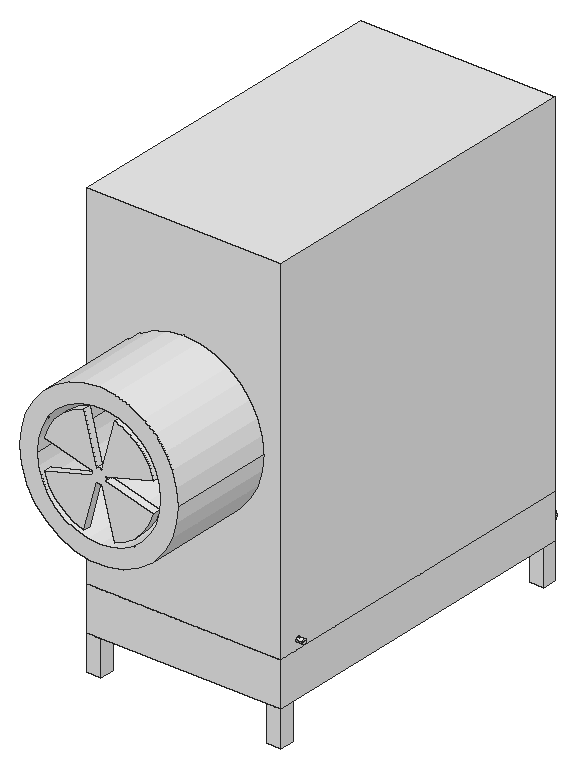
Revit family "MIT SK1015 - Cooling Tower ", category Specialty Equipment, Revit 2022
Family settings
  Round Connector Dimension = Use Diameter
  Part Type = Normal
  Work Plane-Based = Yes
  Always vertical = No
  Cut with Voids When Loaded = No
  Maintain Annotation Orientation = No
  Shared = No
  Room Calculation Point = No
Parameters (values of type "MLP 20 - 1.1 kW")
  URL = "https://en.ekinendustriyel.com/cooling-towers"
  Model = "MIT-SK1015"
  Manufacturer = "Ekin Endüstriyel"
  Keynote = "Cooling Towers"
  Description = "MIT-SK1015 - Cooling Towers"
  Default Elevation = 0 mm
Reference planes
  plane 1 "Center (Front/Back)": y = 0
  plane 2: z = 0
  plane 3 "Center (Left/Right)": x = 0
Forms (mm)
  Extrusion 1, solid, material "Ekin Endüstriyel_StainlesSteel", detail levels medium+fine
    sketch origin (0, 0, 0) x (1, 0, 0) y (0, 1, 0)
      loop
        line (-275, 485) -> (-275, -485) -> (275, -485) -> (275, 485) -> (-275, 485)
    from 225 to 1230
  Extrusion 2, solid, material "Ekin Endüstriyel_StainlesSteel", detail levels medium+fine
    sketch origin (0, 0, 0) x (1, 0, 0) y (0, 1, 0)
      loop
        line (-275, 485) -> (-275, -485) -> (275, -485) -> (275, 485) -> (-275, 485)
    from 100 to 225
  Extrusion 3, solid, material "Ekin Endüstriyel_StainlesSteel", detail levels coarse
    sketch origin (0, 0, 0) x (1, 0, 0) y (0, 1, 0)
      loop
        line (-275, 485) -> (-275, -485) -> (275, -485) -> (275, 485) -> (-275, 485)
    from 0 to 1230
  Extrusion 4, solid, material "Ekin Endüstriyel_StainlesSteel", detail levels coarse
    sketch origin (275, -485, 100) x (-1, 0, 0) y (0, 0, -1)
      loop
        circle (275, -627.5) r 225
    from 0 to 300
  Extrusion 5, solid, material "Ekin Endüstriyel_StainlesSteel", detail levels medium+fine
    sketch origin (275, -485, 100) x (-1, 0, 0) y (0, 0, -1)
      loop
        circle (275, -627.5) r 225
      loop
        circle (275, -627.5) r 175
    from 0 to 300
  Extrusion 6, solid, material "Ekin Endüstriyel_StainlesSteel", detail levels medium+fine
    sketch origin (-275, 485, 0) x (1, 0, 0) y (0, 0, -1)
      loop
        circle (275, -1187.961) r 17.145
      loop
        circle (275, -152.039) r 17.145
      loop
        circle (520, -152.039) r 19.05
      loop
        circle (520, -152.039) r 17.05
      loop
        circle (275, -152.039) r 15.145
      loop
        circle (275, -1187.961) r 15.145
    from 0 to 20
  Extrusion 7, solid, material "Ekin Endüstriyel_StainlesSteel", detail levels medium+fine
    sketch origin (275, 635, 0) x (0, -1, 0) y (0, 0, -1)
      loop
        circle (1062.805, -253.187) r 6.35
      loop
        circle (1062.805, -253.187) r 4.35
    from 0 to 20
  Extrusion 8, solid, material "Ekin Endüstriyel_StainlesSteel", detail levels coarse
    sketch origin (275, 635, 0) x (0, -1, 0) y (0, 0, -1)
      loop
        circle (1062.805, -253.187) r 6.35
    from 0 to 20
  Extrusion 9, solid, material "Ekin Endüstriyel_StainlesSteel", detail levels coarse
    sketch origin (-275, 485, 0) x (1, 0, 0) y (0, 0, -1)
      loop
        circle (275, -1187.961) r 17.145
      loop
        circle (275, -152.039) r 17.145
      loop
        circle (520, -152.039) r 19.05
    from 0 to 20
  Extrusion 10, solid, material "Ekin Endüstriyel_StainlesSteel", detail levels medium+fine
    sketch origin (0, 0, 0) x (1, 0, 0) y (0, 1, 0)
      loop
        line (-275, 485) -> (-275, 445) -> (-235, 445) -> (-235, 485) -> (-275, 485)
      loop
        line (-275, -485) -> (-235, -485) -> (-235, -445) -> (-275, -445) -> (-275, -485)
      loop
        line (275, 485) -> (235, 485) -> (235, 445) -> (275, 445) -> (275, 485)
      loop
        line (275, -485) -> (275, -445) -> (235, -445) -> (235, -485) -> (275, -485)
    from 0 to 100
  Extrusion 11, solid, material "Ekin Endüstriyel_StainlesSteel", detail levels fine
    sketch origin (275, -785, 100) x (-1, 0, 0) y (0, 0, -1)
      loop
        arc (429.548, -586.089) -> (389.202, -515.438) -> (319.327, -473.763) r 160
        line (319.327, -473.763) -> (283.04, -609.187)
        arc (283.04, -609.187) -> (290.175, -614.472) -> (294.319, -622.324) r 20
        line (294.319, -622.324) -> (429.548, -586.089)
      loop
        arc (255.681, -622.324) -> (259.825, -614.472) -> (266.96, -609.187) r 20
        line (266.96, -609.187) -> (230.673, -473.763)
        arc (230.673, -473.763) -> (160.798, -515.438) -> (120.452, -586.089) r 160
        line (120.452, -586.089) -> (255.681, -622.324)
      loop
        arc (294.319, -632.676) -> (290.175, -640.528) -> (283.04, -645.813) r 20
        line (283.04, -645.813) -> (319.327, -781.237)
        arc (319.327, -781.237) -> (389.202, -739.562) -> (429.548, -668.911) r 160
        line (429.548, -668.911) -> (294.319, -632.676)
      loop
        line (255.681, -632.676) -> (120.452, -668.911)
        arc (120.452, -668.911) -> (160.798, -739.562) -> (230.673, -781.237) r 160
        line (230.673, -781.237) -> (266.96, -645.813)
        arc (266.96, -645.813) -> (259.825, -640.528) -> (255.681, -632.676) r 20
    from 0 to -20.256
  Extrusion 12, solid, material "Ekin Endüstriyel_StainlesSteel", detail levels fine
    sketch origin (275, -785, 100) x (-1, 0, 0) y (0, 0, -1)
      loop
        circle (275, -627.5) r 20
    from 0 to -300
Cuts and joins
  joined: Extrusion 11, Extrusion 12
Dimensions and locks
  equal spacing: Extrusion 1 sketch curve, plane 3 "Center (Left/Right)", Extrusion 1 sketch curve
  Extrusion 1 sketch curve to plane 3 "Center (Left/Right)" = 275 mm
  equal spacing: Extrusion 1 sketch curve, plane 1 "Center (Front/Back)", Extrusion 1 sketch curve
  plane 1 "Center (Front/Back)" to Extrusion 1 sketch curve = 485 mm
  Extrusion 2 sketch curve to Extrusion 2 sketch curve = 550 mm
  Extrusion 2 sketch curve to Extrusion 2 sketch curve = 970 mm
  Extrusion 3 sketch curve to Extrusion 3 sketch curve = 550 mm
  Extrusion 3 sketch curve to Extrusion 3 sketch curve = 970 mm
  Extrusion 3 to Extrusion 3 = 550 mm
  Extrusion 3 to Extrusion 3 = 970 mm
  aligned and locked: level to plane 2
  aligned and locked: Extrusion 3 to Extrusion 1  (x2)
  aligned and locked: Extrusion 2 to Extrusion 1
  aligned and locked: Extrusion 3 to Extrusion 2
  aligned and locked: Extrusion 4 to Extrusion 5
  aligned and locked: Extrusion 4 to Extrusion 3
  aligned and locked: Extrusion 5 to Extrusion 3
  aligned and locked: Extrusion 10 to Extrusion 2
  aligned and locked: cut or joined group of Extrusion 11, Extrusion 12 to Extrusion 3
Connectors
  piping at (295, -427.805, 253.187), diameter 12.7
    settings: on Extrusion 7, index 1, connector inside diameter 609.6 mm, connector length 0 mm, flow factor 0, pipe flow 0.0 m³/h, pressure drop 0.0 bar, fitting loss kfactor 0, connector angle 0.00°, fixture units 0, engagement length 0 mm, angle of deflection 0.00°, flow configuration 0, flow direction 0, fitting loss method 0, system type 7, joint type 0, gender type 0, connector reference index -1, connector utility 0, adjustable connector no, is connector primary yes, connector description ""
  piping at (245, 505, 152.039), diameter 38.1
    settings: on Extrusion 6, index 2, connector inside diameter 609.6 mm, connector length 0 mm, flow factor 0, pipe flow 0.0 m³/h, pressure drop 0.0 bar, fitting loss kfactor 0, connector angle 0.00°, fixture units 0, engagement length 0 mm, angle of deflection 0.00°, flow configuration 0, flow direction 0, fitting loss method 0, system type 7, joint type 0, gender type 0, connector reference index -1, connector utility 0, adjustable connector no, is connector primary no, connector description ""
  piping at (0, 505, 152.039), diameter 31.8
    settings: on Extrusion 6, index 3, connector inside diameter 609.6 mm, connector length 0 mm, flow factor 0, pipe flow 0.0 m³/h, pressure drop 0.0 bar, fitting loss kfactor 0, connector angle 0.00°, fixture units 0, engagement length 0 mm, angle of deflection 0.00°, flow configuration 0, flow direction 0, fitting loss method 0, system type 7, joint type 0, gender type 0, connector reference index -1, connector utility 0, adjustable connector no, is connector primary no, connector description ""
  piping at (0, 505, 1187.961), diameter 31.8
    settings: on Extrusion 6, index 4, connector inside diameter 609.6 mm, connector length 0 mm, flow factor 0, pipe flow 0.0 m³/h, pressure drop 0.0 bar, fitting loss kfactor 0, connector angle 0.00°, fixture units 0, engagement length 0 mm, angle of deflection 0.00°, flow configuration 0, flow direction 0, fitting loss method 0, system type 7, joint type 0, gender type 0, connector reference index -1, connector utility 0, adjustable connector no, is connector primary no, connector description ""
